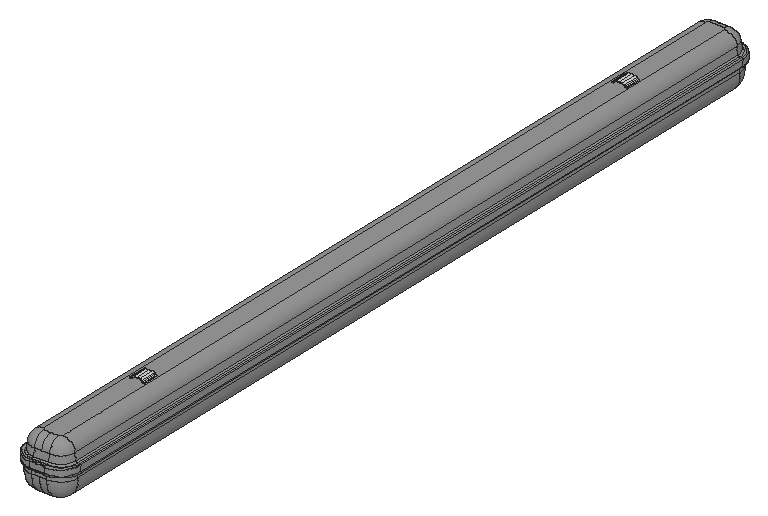
Revit family "63_UN_Lightline_WDO L1550_Norton", category Lighting Fixtures, Revit 2019
Family settings
  Round Connector Dimension = Use Diameter
  Part Type = Normal
  OmniClass Number = 23.80.70.11.14.11
  OmniClass Title = Downlights
  Work Plane-Based = No
  Always vertical = Yes
  Cut with Voids When Loaded = No
  Light Source = Yes
  Shared = No
  Room Calculation Point = Yes
Parameters (values of type "WDO 84 1 6300 1550")
  calc_length = Length - 40 mm  # 1540 mm
  Wattage Comments = "51W"
  Wattage = 42.4123 W
  built-in parameter 1150110 = 1 (stored number, unit not read)
  Voltage = 230 V
  URL = "https://www.ivlibrary.com/"
  Type Comments = "L1550"
  built-in parameter 1114217 = 1 (stored number, unit not read)
  Tilt Angle = 60.00°
  built-in parameter 1150109 = 1 (stored number, unit not read)
  built-in parameter 1150134 = 3
  Symbol_ToScale [instance] = not(Symbol_RealSize)  # yes
  Symbol_Size = Length / 100  # 15.8 mm
  Symbol_RealSize [instance] = no
  Switch Code [instance] = ""
  built-in parameter 1150113 = 1 (stored number, unit not read)
  Photometric Web File = "WDO84163001550_LDT.ies"
  Model = "WDO"
  Manufacturer = "Norton"
  built-in parameter 1150105 = 479.14 (stored number, unit not read)
  Luminous Flux (lm) = 6300 lm
  Lumens = 6300 lm
  built-in parameter 1150115 = 1 (stored number, unit not read)
  Luminaire Code [instance] = ""
  built-in parameter 1150137 = (empty or 0)
  built-in parameter 1150139 = (empty or 0)
  Length = 1580 mm
  built-in parameter 1150112 = 1 (stored number, unit not read)
  built-in parameter 1150114 = 1 (stored number, unit not read)
  Lamp = "LED"
  built-in parameter 1150132 = 2
  built-in parameter 1150102 = (empty or 0)
  built-in parameter 1150107 = 3200 (stored number, unit not read)
  built-in parameter 1150138 = (empty or 0)
  built-in parameter 1150106 = 4.7914 (stored number, unit not read)
  IfcExportType = "USERDEFINED"
  IfcExportAs = "IfcLightFixtureType"
  IP Value = "IP66"
  IK Value = "IK08"
  Housing_Material = Laminate, White
  Emit from Rectangle Width = calc_length  # 1540 mm
  Emit from Rectangle Length = 101 mm
  Emit Shape Visible in Rendering = no
  built-in parameter 1150104 = 13.8 (stored number, unit not read)
  Dimming Lamp Color Temperature Shift = <None>
  Description = ""
  Content Creator® = "www.ivlibrary.com"
  Color Filter = 16777215
  Bracket_Distance = 1100 mm
  built-in parameter 1114218 = 1 (stored number, unit not read)
  built-in parameter 1150133 = 10 (stored number, unit not read)
  Assembly Code = "63.0"
  Apparent Load = 51 VA
Types (3, lengths in mm): name | Wattage Comments | Wattage | Tilt Angle | Photometric Web File | built-in parameter 1150105 | Luminous Flux (lm) | Lumens | built-in parameter 1150106 | Apparent Load
  WDO 84 1 3700 1550 | "25W" | 24.9088 W | 60.00° | "WDO84137001550_LDT.ies" | 294.44 (stored number, unit not read) | 3700 lm | 3700 lm | 2.9444 (stored number, unit not read) | 25 VA
  WDO 84 1 6300 1550 | "51W" | 42.4123 W | 60.00° | "WDO84163001550_LDT.ies" | 479.14 (stored number, unit not read) | 6300 lm | 6300 lm | 4.7914 (stored number, unit not read) | 51 VA
  WDO 84 1 7900 1550 | "57W" | 53.8568 W | 90.00° | "WDO84179001550_LDT.ies" | 608.43 (stored number, unit not read) | 8000 lm | 8000 lm | 6.0843 (stored number, unit not read) | 57 VA
Reference planes
  plane 1 "Center (Front/Back)": y = 0
  plane 2: z = 0
  plane 3 "Center (Left/Right)": x = 0
  plane 4: y = 770
  plane 5: y = -770
  plane 6: y = -786.192
  plane 7: y = 786
  plane 8: y = -550
  plane 9: y = 550
Forms (mm)
  Sweep 1, solid, material "Laminate, White" <- "Housing_Material"
    path origin (-26.25, 0, 0) x (1, 0, 0) y (0, 1, 0)
      loop
        line (26.25, -770) -> (40, -770)
        arc (40, -770) -> (50.607, -765.607) -> (55, -755) r 15
        line (55, -755) -> (55, 755)
        arc (55, 755) -> (50.607, 765.607) -> (40, 770) r 15
        line (40, 770) -> (26.25, 770)
    profile origin (28.75, 0, 0) x (-1, 0, 0) y (0, 0, 1)
      loop
        line (13.75, -55) -> (13.75, -5) -> (11.564, -5)
        arc (11.564, -5) -> (-3.391, -10.765) -> (-10.607, -25.076) r 22.28
        line (-10.607, -25.076) -> (-11.924, -38.327)
        arc (-11.924, -38.327) -> (-12.75, -39.965) -> (-14.462, -40.625) r 2.551
        line (-14.462, -40.625) -> (-19.75, -40.625)
        arc (-19.75, -40.625) -> (-20.811, -41.064) -> (-21.25, -42.125) r 1.5
        line (-21.25, -42.125) -> (-21.25, -53.5)
        arc (-21.25, -53.5) -> (-20.811, -54.561) -> (-19.75, -55) r 1.5
        line (-19.75, -55) -> (13.75, -55)
  Sweep 2, solid, material "Laminate, White" <- "Housing_Material"
    path origin (26.25, 0, 0) x (-1, 0, 0) y (0, 1, 0)
      loop
        line (26.25, -770) -> (40, -770)
        arc (40, -770) -> (50.607, -765.607) -> (55, -755) r 15
        line (55, -755) -> (55, 755)
        arc (55, 755) -> (50.607, 765.607) -> (40, 770) r 15
        line (40, 770) -> (26.25, 770)
    profile origin (-28.75, 0, 0) x (-1, 0, 0) y (0, 0, 1)
      loop
        line (-14.225, -55) -> (19.75, -55)
        arc (19.75, -55) -> (20.811, -54.561) -> (21.25, -53.5) r 1.5
        line (21.25, -53.5) -> (21.25, -42.125)
        arc (21.25, -42.125) -> (20.811, -41.064) -> (19.75, -40.625) r 1.5
        line (19.75, -40.625) -> (14.462, -40.625)
        arc (14.462, -40.625) -> (12.75, -39.965) -> (11.924, -38.327) r 2.551
        line (11.924, -38.327) -> (10.607, -25.076)
        arc (10.607, -25.076) -> (3.391, -10.765) -> (-11.564, -5) r 22.28
        line (-11.564, -5) -> (-14.225, -5) -> (-14.225, -55)
  Sweep 3, solid, material "Glass, White, High Luminance"
    path origin (0, 0, 0) x (1, 0, 0) y (0, 1, 0)
      loop
        arc (-44.95, -754.992) -> (-35.812, -777.054) -> (-13.75, -786.192) r 31.2
        line (-13.75, -786.192) -> (0, -786.192) -> (13.75, -786.192)
        arc (13.75, -786.192) -> (35.812, -777.054) -> (44.95, -754.992) r 31.2
        line (44.95, -754.992) -> (44.95, 754.8)
        arc (44.95, 754.8) -> (35.812, 776.862) -> (13.75, 786) r 31.2
        line (13.75, 786) -> (0, 786) -> (-13.75, 786)
        arc (-13.75, 786) -> (-35.812, 776.862) -> (-44.95, 754.8) r 31.2
        line (-44.95, 754.8) -> (-44.95, -754.992)
    profile origin (-44.95, -0.096, 0) x (-1, 0, 0) y (0, 0, 1)
      loop
        line (0, -65) -> (0, -55) -> (-30.425, -55) -> (-30.425, -99.972) -> (-28.319, -99.972)
        spline (-28.319, -99.972) -> (-22.316, -99.519) -> (-17.22, -98.236) -> (-12.957, -96.239) -> (-9.455, -93.641) -> (-6.64, -90.557) -> (-4.438, -87.103) -> (-2.776, -83.392) -> (-1.581, -79.539) -> (-0.779, -75.658) -> (-0.297, -71.865) -> (-0.062, -68.274) -> (0, -65)
  Extrusion 4, solid, material "Laminate, White" <- "Housing_Material"
    sketch origin (0, 0, 0) x (1, 0, 0) y (0, 1, 0)
      loop
        line (-14.525, 756.25) -> (-14.525, -756.25) -> (15, -756.25) -> (15, 756.25) -> (-14.525, 756.25)
    from -5 to -55
  Extrusion 5, solid, material "Glass, White, High Luminance"
    sketch origin (0, 0, 0) x (1, 0, 0) y (0, 1, 0)
      loop
        line (-14.525, 755.575) -> (-14.525, -755.767) -> (14.525, -755.767) -> (14.525, 755.575) -> (-14.525, 755.575)
    from -55 to -99.972
Cuts and joins
  joined: Sweep 1, Sweep 2, Extrusion 4
  joined: Sweep 3, Extrusion 5
Lines and regions (mm)
  symbolic lines, visible <- "Symbol_RealSize"
    curve 1: line (-49.402, 790, 0) -> (50.598, 790, 0)
    curve 2: line (-49.402, -790, 0) -> (-49.402, 790, 0)
    curve 3: line (50.598, -790, 0) -> (-49.402, -790, 0)
    curve 4: line (50.598, 790, 0) -> (50.598, -790, 0)
Dimensions and locks
  "calc_length": plane 4 to plane 5
  equal spacing: plane 4, plane 1 "Center (Front/Back)", plane 5
  locked: plane 5 to plane 6 at 16.192
  locked: plane 7 to plane 4 at 16
  locked: Sweep 3 to plane 5 at 14.233
  locked: plane 4 to Extrusion 4 sketch curve at 13.75
  locked: Extrusion 5 sketch curve to plane 5 at 14.233
  locked: plane 4 to Extrusion 5 sketch curve at 14.425
  equal spacing: plane 8, plane 1 "Center (Front/Back)", plane 9
  "Bracket_Distance": plane 8 to plane 9
  equal spacing: curve 1, plane 1 "Center (Front/Back)", curve 3
  "Length": curve 3 to curve 1
  aligned and locked: level to plane 2
  aligned and locked: plane 4 to Sweep 2 sketch curve
  aligned and locked: plane 5 to Sweep 2 sketch curve
  aligned and locked: Sweep 1 sketch curve to plane 4
  aligned and locked: Sweep 1 sketch curve to plane 5
  aligned and locked: plane 6 to Sweep 3 sketch curve
  aligned and locked: plane 7 to Sweep 3 sketch curve  (x2)
  aligned and locked: plane 8 to nested 1
  aligned and locked: plane 9 to nested 2
Automatic sketch dimensions
  Extrusion 5 sketch curve to plane 3 "Center (Left/Right)" = 14.525 mm
  plane 3 "Center (Left/Right)" to Extrusion 5 sketch curve = 14.525 mm
  Sweep 1 sketch curve to plane 3 "Center (Left/Right)" = 0 mm  (x2)
  plane 3 "Center (Left/Right)" to Sweep 1 sketch curve = 13.75 mm  (x2)
  Sweep 1 sketch curve to plane 4 = 15 mm
  profile plane to Sweep 1 sketch curve = 21.25 mm
  Sweep 1 sketch curve to Sweep 1 sketch curve = 1.5 mm  (x2)
  Sweep 1 sketch curve to Sweep 1 sketch curve = 5.288 mm
  Sweep 1 sketch curve to Sweep 1 sketch curve = 2.538 mm
  profile plane to Sweep 1 sketch curve = 10.607 mm
  Sweep 1 sketch curve to level = 5 mm
  Sweep 1 sketch curve to profile plane = 11.564 mm
  Sweep 1 sketch curve to Sweep 1 sketch curve = 2.186 mm
  Sweep 1 sketch curve to level = 25.076 mm
  Sweep 1 sketch curve to Sweep 1 sketch curve = 12.998 mm
  Sweep 1 sketch curve to Sweep 1 sketch curve = 0.252 mm
  Sweep 1 sketch curve to Sweep 1 sketch curve = 11.375 mm
  Sweep 2 sketch curve to plane 3 "Center (Left/Right)" = 0 mm  (x2)
  plane 3 "Center (Left/Right)" to Sweep 2 sketch curve = 13.75 mm  (x2)
  plane 4 to Sweep 2 sketch curve = 15 mm
  profile plane to Sweep 2 sketch curve = 14.225 mm
  profile plane to Sweep 2 sketch curve = 11.564 mm
  Sweep 2 sketch curve to profile plane = 10.607 mm
  Sweep 2 sketch curve to profile plane = 11.924 mm
  Sweep 2 sketch curve to Sweep 2 sketch curve = 2.538 mm
  Sweep 2 sketch curve to Sweep 2 sketch curve = 5.288 mm  (x2)
  Sweep 2 sketch curve to Sweep 2 sketch curve = 1.5 mm
  Sweep 2 sketch curve to level = 55 mm
  Sweep 2 sketch curve to Sweep 2 sketch curve = 11.375 mm
  Sweep 2 sketch curve to Sweep 2 sketch curve = 2.298 mm
  Sweep 2 sketch curve to Sweep 2 sketch curve = 11.047 mm
  Sweep 2 sketch curve to Sweep 2 sketch curve = 13.25 mm
  Sweep 3 sketch curve to plane 3 "Center (Left/Right)" = 0 mm  (x2)
  Sweep 3 sketch curve to plane 3 "Center (Left/Right)" = 13.75 mm  (x2)
  Sweep 3 sketch curve to plane 4 = 15.2 mm  (x2)
  plane 3 "Center (Left/Right)" to Sweep 3 sketch curve = 13.75 mm  (x2)
  Sweep 3 sketch curve to profile plane = 0 mm
  profile plane to Sweep 3 sketch curve = 28.319 mm
  Sweep 3 sketch curve to Sweep 3 sketch curve = 2.106 mm
  Sweep 3 sketch curve to level = 99.972 mm
  Sweep 3 sketch curve to Sweep 3 sketch curve = 34.972 mm
  Sweep 3 sketch curve to Sweep 3 sketch curve = 10 mm
  Extrusion 4 sketch curve to plane 3 "Center (Left/Right)" = 14.525 mm
  plane 3 "Center (Left/Right)" to Extrusion 4 sketch curve = 15 mm
  plane 5 to Extrusion 4 sketch curve = 13.75 mm
  curve 3 to plane 3 "Center (Left/Right)" = 49.402 mm
  plane 3 "Center (Left/Right)" to curve 3 = 50.598 mm
Nested families
  nested 1: "norton bracket" at (0, -550, 0) x (-1, 0, 0) z (0, 0, 1), type "norton bracket"
  nested 2: "norton bracket" at (0, 550, 0), type "norton bracket"
  nested 3: "Lightline Symbol" at (0, 0, 0), Length <- "Symbol_Size", visible <- "Symbol_ToScale", type "symbol"
    with Length 15.8 mm
Connectors
  electrical at (0, 0, 0), driven by "Voltage", driven by "Apparent Load"
    settings: index 1, voltage 230 V, apparent load 0 VA, apparent load phase1 51 VA, apparent load phase2 0 VA, apparent load phase3 0 VA, power factor 1, load classification "Lighting", number of poles 1, system type 31, power factor state 1, is connector primary yes, connector utility no, sub classification motor no, connector description ""
Definition of nested family "norton bracket"
  Reference planes
    plane 1: y = 0
    plane 2: z = 0
    plane 3: x = 0
    plane 4 "Center (Left/Right)": x = 0
  Forms (mm)
    Extrusion 1, solid
      sketch origin (0, 14.135, 0) x (1, 0, 0) y (0, 0, -1)
        loop
          line (0, 0) -> (6.136, 0)
          arc (6.136, 0) -> (8.007, 0.491) -> (9.396, 1.837) r 3.81
          line (9.396, 1.837) -> (10.271, 3.284)
          arc (10.271, 3.284) -> (11.163, 4.149) -> (12.365, 4.464) r 2.447
          line (12.365, 4.464) -> (13.658, 4.464) -> (13.658, 5.264) -> (12.365, 5.264)
          arc (12.365, 5.264) -> (10.77, 4.846) -> (9.587, 3.698) r 3.247
          line (9.587, 3.698) -> (8.753, 2.321)
          arc (8.753, 2.321) -> (7.656, 1.258) -> (6.178, 0.87) r 3.01
          line (6.178, 0.87) -> (0, 0.87) -> (-6.178, 0.87)
          arc (-6.178, 0.87) -> (-7.656, 1.258) -> (-8.753, 2.321) r 3.01
          line (-8.753, 2.321) -> (-9.587, 3.698)
          arc (-9.587, 3.698) -> (-10.77, 4.846) -> (-12.365, 5.264) r 3.247
          line (-12.365, 5.264) -> (-13.658, 5.264) -> (-13.658, 4.464) -> (-12.365, 4.464)
          arc (-12.365, 4.464) -> (-11.163, 4.149) -> (-10.271, 3.284) r 2.447
          line (-10.271, 3.284) -> (-9.396, 1.837)
          arc (-9.396, 1.837) -> (-8.007, 0.491) -> (-6.136, 0) r 3.81
          line (-6.136, 0) -> (0, 0)
      from 0 to -28.271
  Automatic sketch dimensions
    Extrusion 1 sketch curve to Extrusion 1 sketch curve = 0 mm  (x8)
    Extrusion 1 sketch curve to Extrusion 1 sketch curve = 6.136 mm  (x2)
    Extrusion 1 sketch curve to Extrusion 1 sketch curve = 0.871 mm  (x2)
    Extrusion 1 sketch curve to Extrusion 1 sketch curve = 2.956 mm  (x2)
    Extrusion 1 sketch curve to Extrusion 1 sketch curve = 0.804 mm  (x4)
    Extrusion 1 sketch curve to Extrusion 1 sketch curve = 1.61 mm  (x2)
    Extrusion 1 sketch curve to Extrusion 1 sketch curve = 0.8 mm  (x4)
    Extrusion 1 sketch curve to Extrusion 1 sketch curve = 2.447 mm
    Extrusion 1 sketch curve to Extrusion 1 sketch curve = 1.293 mm  (x2)
    Extrusion 1 sketch curve to Extrusion 1 sketch curve = 2.403 mm
    Extrusion 1 sketch curve to Extrusion 1 sketch curve = 0.87 mm  (x2)
    Extrusion 1 sketch curve to Extrusion 1 sketch curve = 3.36 mm  (x2)
    Extrusion 1 sketch curve to Extrusion 1 sketch curve = 2.975 mm  (x2)
    Extrusion 1 sketch curve to Extrusion 1 sketch curve = 1.691 mm  (x2)
Definition of nested family "Lightline Symbol"
  Parameters (values of type "Family2")
    Length [instance] = 6.7 mm
  Reference planes
    plane 1: y = 0
    plane 2: x = 0
  Lines and regions (mm)
    detail lines
      curve 1: line (0.5, 3.35, 0) -> (-0.5, 3.35, 0)
      curve 2: line (0.5, -3.35, 0) -> (0.5, 3.35, 0)
      curve 3: line (-0.5, -3.35, 0) -> (0.5, -3.35, 0)
      curve 4: line (-0.5, 3.35, 0) -> (-0.5, -3.35, 0)
  Dimensions and locks
    "Length": curve 1 to curve 3
    equal spacing: curve 1, plane 1, curve 3
  Automatic sketch dimensions
    curve 1 to plane 2 = 0.5 mm
    plane 2 to curve 3 = 0.5 mm
